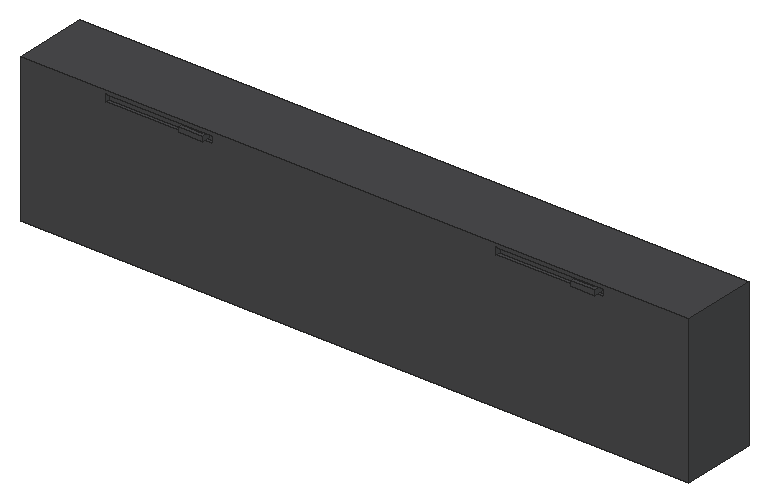
Revit family "DOT BLOCK CEILLING 328_DTSM15N3.1.24", category Luminarias, Revit 2019
Family settings
  Cota de conector redondo = Diámetro de uso
  Tipo de pieza = Normal
  Se basa en plano de trabajo = Sí
  Siempre vertical = Sí
  Corte con vacíos al cargar = No
  Origen de luz = Sí
  Compartido = No
  Punto de cálculo de habitación = No
Parameters (values of type "DOT BLOCK SURFACE 328_DM15N3.3.24")
  Ángulo de inclinación = 60.00°
  Zone [instance] = ""
  Watt per fixture = 15
  Wattage = 15 W
  built-in parameter 1150107 = 4000 (stored number, unit not read)
  built-in parameter 1150110 = 1 (stored number, unit not read)
  built-in parameter 1150109 = 1 (stored number, unit not read)
  built-in parameter 1150112 = 1 (stored number, unit not read)
  built-in parameter 1150113 = 1 (stored number, unit not read)
  built-in parameter 1114218 = 1 (stored number, unit not read)
  Keynote = ""
  built-in parameter 1150137 = (empty or 0)
  built-in parameter 1150132 = (empty or 0)
  Modelo = "DM15N3.3.24"
  Lámpara = "3030SMD PHILIPS"
  built-in parameter 1150105 = 6063.3 (stored number, unit not read)
  built-in parameter 1150102 = (empty or 0)
  built-in parameter 1150106 = 60.633 (stored number, unit not read)
  Lumens = 1395 lm
  Color Filter = 16777215
  built-in parameter 1114217 = 1 (stored number, unit not read)
  built-in parameter 1150139 = (empty or 0)
  Fabricante = "BRILLANT"
  Default Elevation = 1219.2 mm
  built-in parameter 1150104 = 8.64 (stored number, unit not read)
  Descripción = "LUMINARIA DOWNLIGHT EN FORMATO RECTANGULAR PARA EMPOTRAR DIRECTO EN PLAFON, CUERPO DE ALUMINIO ACABADO EN COLOR NEGRO, IP 20, PESO 0.84Kg, TIPO DE LED 3030SMD PHILIPS CON 15W TOTAL, 1400 LUMENES, 93LM/W, IRC 90, TEMPERATURA EN BLANCO FRIO 4000K, 50 MIL HORAS DE VIDA PROMEDIO, APERTURA DE 24 GRADOS POR STOCK, ALIMENTADO A 90-240V"
  built-in parameter 1150115 = 1 (stored number, unit not read)
  built-in parameter 1150114 = 1 (stored number, unit not read)
  Comentarios de vataje = "90-240V"
  built-in parameter 1150138 = (empty or 0)
  built-in parameter 1150134 = 12
  Circuit [instance] = ""
  Dimming Lamp Color Temperature Shift = (empty or 0)
  Archivo de red fotométrica = "L328A-15W-840-B-24_IESNA95.IES"
  built-in parameter 1150133 = 10 (stored number, unit not read)
Reference planes
  plane 1 "Centro (Frontal/Posterior)": y = 0
  plane 2: z = 0
  plane 3 "Centro (Izquierda/Derecha)": x = 0
Forms (mm)
  Extrusion 1, solid, material "Default Form", not visible
    sketch origin (0, 0, 0) x (1, 0, 0) y (0, 0, 1)
      loop
        line (-473, 0) -> (-473, -72) -> (473, -72) -> (473, 0) -> (-473, 0)
    from -18.326 to 18.326
  Blend 2, void, not visible
    base sketch origin (-293.63, 0, 0) x (1, 0, 0) y (0, 1, 0)
      loop
        line (-162, 16.149) -> (-162, -16.149) -> (-144.14, -16.149) -> (-144.14, 16.149) -> (-162, 16.149)
    top sketch origin (-293.63, 0, 0) x (1, 0, 0) y (0, 1, 0)
      loop
        line (-160, 12.149) -> (-160, -12.149) -> (-146.14, -12.149) -> (-146.14, 12.149) -> (-160, 12.149)
    from -72 to -61.591
  Blend 3, void, not visible
    base sketch origin (-267.33, 0, 0) x (1, 0, 0) y (0, 1, 0)
      loop
        line (-162, 16.149) -> (-162, -16.149) -> (-144.14, -16.149) -> (-144.14, 16.149) -> (-162, 16.149)
    top sketch origin (-267.33, 0, 0) x (1, 0, 0) y (0, 1, 0)
      loop
        line (-160, 12.149) -> (-160, -12.149) -> (-146.14, -12.149) -> (-146.14, 12.149) -> (-160, 12.149)
    from -72 to -61.591
  Blend 4, void, not visible
    base sketch origin (-241.03, 0, 0) x (1, 0, 0) y (0, 1, 0)
      loop
        line (-162, 16.149) -> (-162, -16.149) -> (-144.14, -16.149) -> (-144.14, 16.149) -> (-162, 16.149)
    top sketch origin (-241.03, 0, 0) x (1, 0, 0) y (0, 1, 0)
      loop
        line (-160, 12.149) -> (-160, -12.149) -> (-146.14, -12.149) -> (-146.14, 12.149) -> (-160, 12.149)
    from -72 to -61.591
  Blend 5, void, not visible
    base sketch origin (-214.73, 0, 0) x (1, 0, 0) y (0, 1, 0)
      loop
        line (-162, 16.149) -> (-162, -16.149) -> (-144.14, -16.149) -> (-144.14, 16.149) -> (-162, 16.149)
    top sketch origin (-214.73, 0, 0) x (1, 0, 0) y (0, 1, 0)
      loop
        line (-160, 12.149) -> (-160, -12.149) -> (-146.14, -12.149) -> (-146.14, 12.149) -> (-160, 12.149)
    from -72 to -61.591
  Blend 6, void, not visible
    base sketch origin (-188.43, 0, 0) x (1, 0, 0) y (0, 1, 0)
      loop
        line (-162, 16.149) -> (-162, -16.149) -> (-144.14, -16.149) -> (-144.14, 16.149) -> (-162, 16.149)
    top sketch origin (-188.43, 0, 0) x (1, 0, 0) y (0, 1, 0)
      loop
        line (-160, 12.149) -> (-160, -12.149) -> (-146.14, -12.149) -> (-146.14, 12.149) -> (-160, 12.149)
    from -72 to -61.591
  Blend 7, void, not visible
    base sketch origin (-162.13, 0, 0) x (1, 0, 0) y (0, 1, 0)
      loop
        line (-162, 16.149) -> (-162, -16.149) -> (-144.14, -16.149) -> (-144.14, 16.149) -> (-162, 16.149)
    top sketch origin (-162.13, 0, 0) x (1, 0, 0) y (0, 1, 0)
      loop
        line (-160, 12.149) -> (-160, -12.149) -> (-146.14, -12.149) -> (-146.14, 12.149) -> (-160, 12.149)
    from -72 to -61.591
  Blend 8, void, not visible
    base sketch origin (-135.83, 0, 0) x (1, 0, 0) y (0, 1, 0)
      loop
        line (-162, 16.149) -> (-162, -16.149) -> (-144.14, -16.149) -> (-144.14, 16.149) -> (-162, 16.149)
    top sketch origin (-135.83, 0, 0) x (1, 0, 0) y (0, 1, 0)
      loop
        line (-160, 12.149) -> (-160, -12.149) -> (-146.14, -12.149) -> (-146.14, 12.149) -> (-160, 12.149)
    from -72 to -61.591
  Blend 9, void, not visible
    base sketch origin (-109.53, 0, 0) x (1, 0, 0) y (0, 1, 0)
      loop
        line (-162, 16.149) -> (-162, -16.149) -> (-144.14, -16.149) -> (-144.14, 16.149) -> (-162, 16.149)
    top sketch origin (-109.53, 0, 0) x (1, 0, 0) y (0, 1, 0)
      loop
        line (-160, 12.149) -> (-160, -12.149) -> (-146.14, -12.149) -> (-146.14, 12.149) -> (-160, 12.149)
    from -72 to -61.591
  Blend 10, void, not visible
    base sketch origin (-83.23, 0, 0) x (1, 0, 0) y (0, 1, 0)
      loop
        line (-162, 16.149) -> (-162, -16.149) -> (-144.14, -16.149) -> (-144.14, 16.149) -> (-162, 16.149)
    top sketch origin (-83.23, 0, 0) x (1, 0, 0) y (0, 1, 0)
      loop
        line (-160, 12.149) -> (-160, -12.149) -> (-146.14, -12.149) -> (-146.14, 12.149) -> (-160, 12.149)
    from -72 to -61.591
  Blend 11, void, not visible
    base sketch origin (-56.93, 0, 0) x (1, 0, 0) y (0, 1, 0)
      loop
        line (-162, 16.149) -> (-162, -16.149) -> (-144.14, -16.149) -> (-144.14, 16.149) -> (-162, 16.149)
    top sketch origin (-56.93, 0, 0) x (1, 0, 0) y (0, 1, 0)
      loop
        line (-160, 12.149) -> (-160, -12.149) -> (-146.14, -12.149) -> (-146.14, 12.149) -> (-160, 12.149)
    from -72 to -61.591
  Blend 12, void, not visible
    base sketch origin (-30.63, 0, 0) x (1, 0, 0) y (0, 1, 0)
      loop
        line (-162, 16.149) -> (-162, -16.149) -> (-144.14, -16.149) -> (-144.14, 16.149) -> (-162, 16.149)
    top sketch origin (-30.63, 0, 0) x (1, 0, 0) y (0, 1, 0)
      loop
        line (-160, 12.149) -> (-160, -12.149) -> (-146.14, -12.149) -> (-146.14, 12.149) -> (-160, 12.149)
    from -72 to -61.591
  Blend 13, void, not visible
    base sketch origin (-4.33, 0, 0) x (1, 0, 0) y (0, 1, 0)
      loop
        line (-162, 16.149) -> (-162, -16.149) -> (-144.14, -16.149) -> (-144.14, 16.149) -> (-162, 16.149)
    top sketch origin (-4.33, 0, 0) x (1, 0, 0) y (0, 1, 0)
      loop
        line (-160, 12.149) -> (-160, -12.149) -> (-146.14, -12.149) -> (-146.14, 12.149) -> (-160, 12.149)
    from -72 to -61.591
  Blend 14, void, not visible
    base sketch origin (21.97, 0, 0) x (1, 0, 0) y (0, 1, 0)
      loop
        line (-162, 16.149) -> (-162, -16.149) -> (-144.14, -16.149) -> (-144.14, 16.149) -> (-162, 16.149)
    top sketch origin (21.97, 0, 0) x (1, 0, 0) y (0, 1, 0)
      loop
        line (-160, 12.149) -> (-160, -12.149) -> (-146.14, -12.149) -> (-146.14, 12.149) -> (-160, 12.149)
    from -72 to -61.591
  Blend 15, void, not visible
    base sketch origin (48.27, 0, 0) x (1, 0, 0) y (0, 1, 0)
      loop
        line (-162, 16.149) -> (-162, -16.149) -> (-144.14, -16.149) -> (-144.14, 16.149) -> (-162, 16.149)
    top sketch origin (48.27, 0, 0) x (1, 0, 0) y (0, 1, 0)
      loop
        line (-160, 12.149) -> (-160, -12.149) -> (-146.14, -12.149) -> (-146.14, 12.149) -> (-160, 12.149)
    from -72 to -61.591
  Blend 16, void, not visible
    base sketch origin (74.57, 0, 0) x (1, 0, 0) y (0, 1, 0)
      loop
        line (-162, 16.149) -> (-162, -16.149) -> (-144.14, -16.149) -> (-144.14, 16.149) -> (-162, 16.149)
    top sketch origin (74.57, 0, 0) x (1, 0, 0) y (0, 1, 0)
      loop
        line (-160, 12.149) -> (-160, -12.149) -> (-146.14, -12.149) -> (-146.14, 12.149) -> (-160, 12.149)
    from -72 to -61.591
  Blend 17, void, not visible
    base sketch origin (100.87, 0, 0) x (1, 0, 0) y (0, 1, 0)
      loop
        line (-162, 16.149) -> (-162, -16.149) -> (-144.14, -16.149) -> (-144.14, 16.149) -> (-162, 16.149)
    top sketch origin (100.87, 0, 0) x (1, 0, 0) y (0, 1, 0)
      loop
        line (-160, 12.149) -> (-160, -12.149) -> (-146.14, -12.149) -> (-146.14, 12.149) -> (-160, 12.149)
    from -72 to -61.591
  Blend 18, void, not visible
    base sketch origin (127.17, 0, 0) x (1, 0, 0) y (0, 1, 0)
      loop
        line (-162, 16.149) -> (-162, -16.149) -> (-144.14, -16.149) -> (-144.14, 16.149) -> (-162, 16.149)
    top sketch origin (127.17, 0, 0) x (1, 0, 0) y (0, 1, 0)
      loop
        line (-160, 12.149) -> (-160, -12.149) -> (-146.14, -12.149) -> (-146.14, 12.149) -> (-160, 12.149)
    from -72 to -61.591
  Blend 19, void, not visible
    base sketch origin (153.47, 0, 0) x (1, 0, 0) y (0, 1, 0)
      loop
        line (-162, 16.149) -> (-162, -16.149) -> (-144.14, -16.149) -> (-144.14, 16.149) -> (-162, 16.149)
    top sketch origin (153.47, 0, 0) x (1, 0, 0) y (0, 1, 0)
      loop
        line (-160, 12.149) -> (-160, -12.149) -> (-146.14, -12.149) -> (-146.14, 12.149) -> (-160, 12.149)
    from -72 to -61.591
  Blend 20, void, not visible
    base sketch origin (179.77, 0, 0) x (1, 0, 0) y (0, 1, 0)
      loop
        line (-162, 16.149) -> (-162, -16.149) -> (-144.14, -16.149) -> (-144.14, 16.149) -> (-162, 16.149)
    top sketch origin (179.77, 0, 0) x (1, 0, 0) y (0, 1, 0)
      loop
        line (-160, 12.149) -> (-160, -12.149) -> (-146.14, -12.149) -> (-146.14, 12.149) -> (-160, 12.149)
    from -72 to -61.591
  Blend 21, void, not visible
    base sketch origin (206.07, 0, 0) x (1, 0, 0) y (0, 1, 0)
      loop
        line (-162, 16.149) -> (-162, -16.149) -> (-144.14, -16.149) -> (-144.14, 16.149) -> (-162, 16.149)
    top sketch origin (206.07, 0, 0) x (1, 0, 0) y (0, 1, 0)
      loop
        line (-160, 12.149) -> (-160, -12.149) -> (-146.14, -12.149) -> (-146.14, 12.149) -> (-160, 12.149)
    from -72 to -61.591
  Blend 22, void, not visible
    base sketch origin (232.37, 0, 0) x (1, 0, 0) y (0, 1, 0)
      loop
        line (-162, 16.149) -> (-162, -16.149) -> (-144.14, -16.149) -> (-144.14, 16.149) -> (-162, 16.149)
    top sketch origin (232.37, 0, 0) x (1, 0, 0) y (0, 1, 0)
      loop
        line (-160, 12.149) -> (-160, -12.149) -> (-146.14, -12.149) -> (-146.14, 12.149) -> (-160, 12.149)
    from -72 to -61.591
  Blend 23, void, not visible
    base sketch origin (258.67, 0, 0) x (1, 0, 0) y (0, 1, 0)
      loop
        line (-162, 16.149) -> (-162, -16.149) -> (-144.14, -16.149) -> (-144.14, 16.149) -> (-162, 16.149)
    top sketch origin (258.67, 0, 0) x (1, 0, 0) y (0, 1, 0)
      loop
        line (-160, 12.149) -> (-160, -12.149) -> (-146.14, -12.149) -> (-146.14, 12.149) -> (-160, 12.149)
    from -72 to -61.591
  Blend 24, void, not visible
    base sketch origin (284.97, 0, 0) x (1, 0, 0) y (0, 1, 0)
      loop
        line (-162, 16.149) -> (-162, -16.149) -> (-144.14, -16.149) -> (-144.14, 16.149) -> (-162, 16.149)
    top sketch origin (284.97, 0, 0) x (1, 0, 0) y (0, 1, 0)
      loop
        line (-160, 12.149) -> (-160, -12.149) -> (-146.14, -12.149) -> (-146.14, 12.149) -> (-160, 12.149)
    from -72 to -61.591
  Blend 25, void, not visible
    base sketch origin (311.27, 0, 0) x (1, 0, 0) y (0, 1, 0)
      loop
        line (-162, 16.149) -> (-162, -16.149) -> (-144.14, -16.149) -> (-144.14, 16.149) -> (-162, 16.149)
    top sketch origin (311.27, 0, 0) x (1, 0, 0) y (0, 1, 0)
      loop
        line (-160, 12.149) -> (-160, -12.149) -> (-146.14, -12.149) -> (-146.14, 12.149) -> (-160, 12.149)
    from -72 to -61.591
  Blend 26, void, not visible
    base sketch origin (337.57, 0, 0) x (1, 0, 0) y (0, 1, 0)
      loop
        line (-162, 16.149) -> (-162, -16.149) -> (-144.14, -16.149) -> (-144.14, 16.149) -> (-162, 16.149)
    top sketch origin (337.57, 0, 0) x (1, 0, 0) y (0, 1, 0)
      loop
        line (-160, 12.149) -> (-160, -12.149) -> (-146.14, -12.149) -> (-146.14, 12.149) -> (-160, 12.149)
    from -72 to -61.591
  Blend 27, void, not visible
    base sketch origin (363.87, 0, 0) x (1, 0, 0) y (0, 1, 0)
      loop
        line (-162, 16.149) -> (-162, -16.149) -> (-144.14, -16.149) -> (-144.14, 16.149) -> (-162, 16.149)
    top sketch origin (363.87, 0, 0) x (1, 0, 0) y (0, 1, 0)
      loop
        line (-160, 12.149) -> (-160, -12.149) -> (-146.14, -12.149) -> (-146.14, 12.149) -> (-160, 12.149)
    from -72 to -61.591
  Blend 28, void, not visible
    base sketch origin (390.17, 0, 0) x (1, 0, 0) y (0, 1, 0)
      loop
        line (-162, 16.149) -> (-162, -16.149) -> (-144.14, -16.149) -> (-144.14, 16.149) -> (-162, 16.149)
    top sketch origin (390.17, 0, 0) x (1, 0, 0) y (0, 1, 0)
      loop
        line (-160, 12.149) -> (-160, -12.149) -> (-146.14, -12.149) -> (-146.14, 12.149) -> (-160, 12.149)
    from -72 to -61.591
  Blend 29, void, not visible
    base sketch origin (416.47, 0, 0) x (1, 0, 0) y (0, 1, 0)
      loop
        line (-162, 16.149) -> (-162, -16.149) -> (-144.14, -16.149) -> (-144.14, 16.149) -> (-162, 16.149)
    top sketch origin (416.47, 0, 0) x (1, 0, 0) y (0, 1, 0)
      loop
        line (-160, 12.149) -> (-160, -12.149) -> (-146.14, -12.149) -> (-146.14, 12.149) -> (-160, 12.149)
    from -72 to -61.591
  Blend 30, void, not visible
    base sketch origin (442.77, 0, 0) x (1, 0, 0) y (0, 1, 0)
      loop
        line (-162, 16.149) -> (-162, -16.149) -> (-144.14, -16.149) -> (-144.14, 16.149) -> (-162, 16.149)
    top sketch origin (442.77, 0, 0) x (1, 0, 0) y (0, 1, 0)
      loop
        line (-160, 12.149) -> (-160, -12.149) -> (-146.14, -12.149) -> (-146.14, 12.149) -> (-160, 12.149)
    from -72 to -61.591
  Blend 31, void, not visible
    base sketch origin (469.07, 0, 0) x (1, 0, 0) y (0, 1, 0)
      loop
        line (-162, 16.149) -> (-162, -16.149) -> (-144.14, -16.149) -> (-144.14, 16.149) -> (-162, 16.149)
    top sketch origin (469.07, 0, 0) x (1, 0, 0) y (0, 1, 0)
      loop
        line (-160, 12.149) -> (-160, -12.149) -> (-146.14, -12.149) -> (-146.14, 12.149) -> (-160, 12.149)
    from -72 to -61.591
  Blend 32, void, not visible
    base sketch origin (495.37, 0, 0) x (1, 0, 0) y (0, 1, 0)
      loop
        line (-162, 16.149) -> (-162, -16.149) -> (-144.14, -16.149) -> (-144.14, 16.149) -> (-162, 16.149)
    top sketch origin (495.37, 0, 0) x (1, 0, 0) y (0, 1, 0)
      loop
        line (-160, 12.149) -> (-160, -12.149) -> (-146.14, -12.149) -> (-146.14, 12.149) -> (-160, 12.149)
    from -72 to -61.591
  Blend 33, void, not visible
    base sketch origin (521.67, 0, 0) x (1, 0, 0) y (0, 1, 0)
      loop
        line (-162, 16.149) -> (-162, -16.149) -> (-144.14, -16.149) -> (-144.14, 16.149) -> (-162, 16.149)
    top sketch origin (521.67, 0, 0) x (1, 0, 0) y (0, 1, 0)
      loop
        line (-160, 12.149) -> (-160, -12.149) -> (-146.14, -12.149) -> (-146.14, 12.149) -> (-160, 12.149)
    from -72 to -61.591
  Blend 34, void, not visible
    base sketch origin (547.97, 0, 0) x (1, 0, 0) y (0, 1, 0)
      loop
        line (-162, 16.149) -> (-162, -16.149) -> (-144.14, -16.149) -> (-144.14, 16.149) -> (-162, 16.149)
    top sketch origin (547.97, 0, 0) x (1, 0, 0) y (0, 1, 0)
      loop
        line (-160, 12.149) -> (-160, -12.149) -> (-146.14, -12.149) -> (-146.14, 12.149) -> (-160, 12.149)
    from -72 to -61.591
  Blend 35, void, not visible
    base sketch origin (574.27, 0, 0) x (1, 0, 0) y (0, 1, 0)
      loop
        line (-162, 16.149) -> (-162, -16.149) -> (-144.14, -16.149) -> (-144.14, 16.149) -> (-162, 16.149)
    top sketch origin (574.27, 0, 0) x (1, 0, 0) y (0, 1, 0)
      loop
        line (-160, 12.149) -> (-160, -12.149) -> (-146.14, -12.149) -> (-146.14, 12.149) -> (-160, 12.149)
    from -72 to -61.591
  Blend 36, void, not visible
    base sketch origin (600.57, 0, 0) x (1, 0, 0) y (0, 1, 0)
      loop
        line (-162, 16.149) -> (-162, -16.149) -> (-144.14, -16.149) -> (-144.14, 16.149) -> (-162, 16.149)
    top sketch origin (600.57, 0, 0) x (1, 0, 0) y (0, 1, 0)
      loop
        line (-160, 12.149) -> (-160, -12.149) -> (-146.14, -12.149) -> (-146.14, 12.149) -> (-160, 12.149)
    from -72 to -61.591
  Extrusion 37, solid, not visible
    sketch origin (-463.861, 0, 3.217) x (0, -1, 0) y (0, 0, -1)
      loop
        line (18.326, 3.217) -> (-18.326, 3.217) -> (-18.326, 73.917) -> (-32.183, 73.917) -> (-32.183, 72.617) -> (-19.626, 72.617) -> (-19.626, 1.917) -> (19.626, 1.917) -> (19.626, 72.617) -> (32.183, 72.617) -> (32.183, 73.917) -> (18.326, 73.917) -> (18.326, 3.217)
    from 89.098 to 128.24
  Extrusion 38, solid, not visible
    sketch origin (-246.523, 0, 3.217) x (0, -1, 0) y (0, 0, 1)
      loop
        line (-19.626, -1.917) -> (19.626, -1.917) -> (19.626, -63.89) -> (20.426, -63.89) -> (20.426, -1.117) -> (-20.426, -1.117) -> (-20.426, -63.89) -> (-19.626, -63.89) -> (-19.626, -1.917)
    from 122.954 to 124.098
  Extrusion 39, solid, not visible
    sketch origin (-463.861, 0, 3.217) x (0, -1, 0) y (0, 0, -1)
      loop
        line (-19.626, 1.917) -> (-19.626, 63.89) -> (-20.426, 63.89) -> (-20.426, 1.117) -> (20.426, 1.117) -> (20.426, 63.89) -> (19.626, 63.89) -> (19.626, 1.917) -> (-19.626, 1.917)
    from 122.954 to 124.098
  Extrusion 40, void, not visible
    sketch origin (0, 0, 0) x (1, 0, 0) y (0, 1, 0)
      loop
        circle (-363.799, -25.904) r 2.055
      loop
        circle (-346.585, -25.904) r 2.055
      loop
        circle (-363.799, 25.904) r 2.055
      loop
        circle (-346.585, 25.904) r 2.055
    from -70.7 to -69.4
  Blend 41, void
    base sketch origin (74.57, 130.851, 72) x (1, 0, 0) y (0, 1, 0)
      loop
        line (-162, -147) -> (-144.14, -147) -> (-144.14, -114.702) -> (-162, -114.702) -> (-162, -147)
    top sketch origin (74.57, 130.851, 72) x (1, 0, 0) y (0, 1, 0)
      loop
        line (-160, -143) -> (-146.14, -143) -> (-146.14, -118.702) -> (-160, -118.702) -> (-160, -143)
    from -72 to -61.591
  Blend 42, void
    base sketch origin (100.87, 130.851, 72) x (1, 0, 0) y (0, 1, 0)
      loop
        line (-162, -147) -> (-144.14, -147) -> (-144.14, -114.702) -> (-162, -114.702) -> (-162, -147)
    top sketch origin (100.87, 130.851, 72) x (1, 0, 0) y (0, 1, 0)
      loop
        line (-160, -143) -> (-146.14, -143) -> (-146.14, -118.702) -> (-160, -118.702) -> (-160, -143)
    from -72 to -61.591
  Blend 43, void
    base sketch origin (127.17, 130.851, 72) x (1, 0, 0) y (0, 1, 0)
      loop
        line (-162, -147) -> (-144.14, -147) -> (-144.14, -114.702) -> (-162, -114.702) -> (-162, -147)
    top sketch origin (127.17, 130.851, 72) x (1, 0, 0) y (0, 1, 0)
      loop
        line (-160, -143) -> (-146.14, -143) -> (-146.14, -118.702) -> (-160, -118.702) -> (-160, -143)
    from -72 to -61.591
  Blend 44, void
    base sketch origin (153.47, 130.851, 72) x (1, 0, 0) y (0, 1, 0)
      loop
        line (-162, -147) -> (-144.14, -147) -> (-144.14, -114.702) -> (-162, -114.702) -> (-162, -147)
    top sketch origin (153.47, 130.851, 72) x (1, 0, 0) y (0, 1, 0)
      loop
        line (-160, -143) -> (-146.14, -143) -> (-146.14, -118.702) -> (-160, -118.702) -> (-160, -143)
    from -72 to -61.591
  Blend 45, void
    base sketch origin (179.77, 130.851, 72) x (1, 0, 0) y (0, 1, 0)
      loop
        line (-162, -147) -> (-144.14, -147) -> (-144.14, -114.702) -> (-162, -114.702) -> (-162, -147)
    top sketch origin (179.77, 130.851, 72) x (1, 0, 0) y (0, 1, 0)
      loop
        line (-160, -143) -> (-146.14, -143) -> (-146.14, -118.702) -> (-160, -118.702) -> (-160, -143)
    from -72 to -61.591
  Blend 46, void
    base sketch origin (206.07, 130.851, 72) x (1, 0, 0) y (0, 1, 0)
      loop
        line (-162, -147) -> (-144.14, -147) -> (-144.14, -114.702) -> (-162, -114.702) -> (-162, -147)
    top sketch origin (206.07, 130.851, 72) x (1, 0, 0) y (0, 1, 0)
      loop
        line (-160, -143) -> (-146.14, -143) -> (-146.14, -118.702) -> (-160, -118.702) -> (-160, -143)
    from -72 to -61.591
  Blend 47, void
    base sketch origin (232.37, 130.851, 72) x (1, 0, 0) y (0, 1, 0)
      loop
        line (-162, -147) -> (-144.14, -147) -> (-144.14, -114.702) -> (-162, -114.702) -> (-162, -147)
    top sketch origin (232.37, 130.851, 72) x (1, 0, 0) y (0, 1, 0)
      loop
        line (-160, -143) -> (-146.14, -143) -> (-146.14, -118.702) -> (-160, -118.702) -> (-160, -143)
    from -72 to -61.591
  Extrusion 48, solid, material "Default Form"
    sketch origin (0, 0, 72) x (1, 0, 0) y (0, 0, -1)
      loop
        line (-164, 0) -> (164, 0) -> (164, 72) -> (-164, 72) -> (-164, 0)
    from -18.326 to 18.326
  Blend 49, void
    base sketch origin (258.67, 130.851, 72) x (1, 0, 0) y (0, 1, 0)
      loop
        line (-162, -147) -> (-144.14, -147) -> (-144.14, -114.702) -> (-162, -114.702) -> (-162, -147)
    top sketch origin (258.67, 130.851, 72) x (1, 0, 0) y (0, 1, 0)
      loop
        line (-160, -143) -> (-146.14, -143) -> (-146.14, -118.702) -> (-160, -118.702) -> (-160, -143)
    from -72 to -61.591
  Blend 50, void
    base sketch origin (284.97, 130.851, 72) x (1, 0, 0) y (0, 1, 0)
      loop
        line (-162, -147) -> (-144.14, -147) -> (-144.14, -114.702) -> (-162, -114.702) -> (-162, -147)
    top sketch origin (284.97, 130.851, 72) x (1, 0, 0) y (0, 1, 0)
      loop
        line (-160, -143) -> (-146.14, -143) -> (-146.14, -118.702) -> (-160, -118.702) -> (-160, -143)
    from -72 to -61.591
  Blend 51, void
    base sketch origin (21.97, 130.851, 72) x (1, 0, 0) y (0, 1, 0)
      loop
        line (-162, -147) -> (-144.14, -147) -> (-144.14, -114.702) -> (-162, -114.702) -> (-162, -147)
    top sketch origin (21.97, 130.851, 72) x (1, 0, 0) y (0, 1, 0)
      loop
        line (-160, -143) -> (-146.14, -143) -> (-146.14, -118.702) -> (-160, -118.702) -> (-160, -143)
    from -72 to -61.591
  Blend 52, void
    base sketch origin (48.27, 130.851, 72) x (1, 0, 0) y (0, 1, 0)
      loop
        line (-162, -147) -> (-144.14, -147) -> (-144.14, -114.702) -> (-162, -114.702) -> (-162, -147)
    top sketch origin (48.27, 130.851, 72) x (1, 0, 0) y (0, 1, 0)
      loop
        line (-160, -143) -> (-146.14, -143) -> (-146.14, -118.702) -> (-160, -118.702) -> (-160, -143)
    from -72 to -61.591
  Extrusion 53, void
    sketch origin (0, 0, 0) x (1, 0, 0) y (0, 1, 0)
      loop
        line (-122.17, -18.326) -> (-69.57, -18.326) -> (-69.57, -16.149) -> (-122.17, -16.149) -> (-122.17, -18.326)
      loop
        line (122.17, -18.326) -> (122.17, -16.149) -> (69.57, -16.149) -> (69.57, -18.326) -> (122.17, -18.326)
      loop
        line (-122.17, 18.326) -> (-122.17, 16.149) -> (-69.57, 16.149) -> (-69.57, 18.326) -> (-122.17, 18.326)
      loop
        line (122.17, 18.326) -> (69.57, 18.326) -> (69.57, 16.149) -> (122.17, 16.149) -> (122.17, 18.326)
    from 66.852 to 70.535
  Extrusion 54, solid, material "Default Form"
    sketch origin (0, 0, 0) x (1, 0, 0) y (0, 1, 0)
      loop
        line (-73.041, -16.149) -> (-74.374, -16.149) -> (-74.374, -18.326) -> (-84.875, -18.326) -> (-84.875, -20.238) -> (-73.041, -20.238) -> (-73.041, -16.149)
      loop
        line (119.435, -16.149) -> (118.101, -16.149) -> (118.101, -18.326) -> (107.601, -18.326) -> (107.601, -20.238) -> (119.435, -20.238) -> (119.435, -16.149)
      loop
        line (-73.041, 16.149) -> (-73.041, 20.238) -> (-84.875, 20.238) -> (-84.875, 18.326) -> (-74.374, 18.326) -> (-74.374, 16.149) -> (-73.041, 16.149)
      loop
        line (119.435, 16.149) -> (119.435, 20.238) -> (107.601, 20.238) -> (107.601, 18.326) -> (118.101, 18.326) -> (118.101, 16.149) -> (119.435, 16.149)
    from 67.466 to 69.773
Cuts and joins
  Blend 41, Blend 42, Blend 43, Blend 44, Blend 45, Blend 46, Blend 47, Blend 49, Blend 50, Blend 51, Blend 52, Extrusion 53 cuts Extrusion 48
Dimensions and locks
  cut or joined group 1 (Blend 41, Blend 42, Blend 43, Blend 44, Blend 45, Blend 46, Blend 47, Extrusion 48, Blend 49, Blend 50, Blend 51, Blend 52, Extrusion 53) to cut or joined group 1 = 72 mm  (x2)
  cut or joined group 1 to cut or joined group 1 = 36.651 mm
  cut or joined group 1 to cut or joined group 1 = 328 mm
  aligned and locked: level to plane 2
Connectors
  electrical at (0, 0, 72)
    settings: on cut or joined group 1, index 1, voltage 0 V, apparent load 0 VA, apparent load phase1 0 VA, apparent load phase2 0 VA, apparent load phase3 0 VA, power factor 1, load classification "Otro", number of poles 1, system type 31, power factor state 1, is connector primary yes, connector utility no, sub classification motor no, connector description ""
